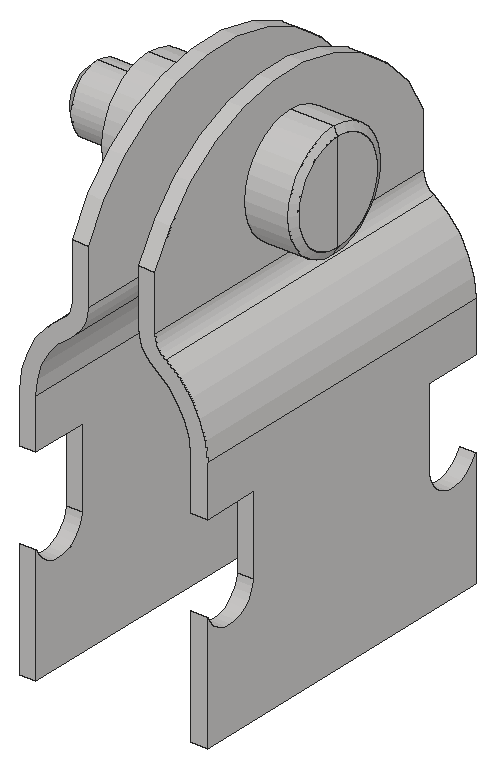
Revit family "Pipe-Clamp-Atkore-Thinwall-Conduit-P1425", category Specialty Equipment, Revit 2012
Parameters (values of type "P1425")
  ecoScorecard_data = ""
  ecoScorecard Product Page = ""
  Unit = Metal - Aluminum - Atkore - Electro - Galvanized
  URL = "http://unistrut.us/index.php"
  Thickness Gauge = 1.50 mm  # constant formula
  Subcategory = "Pipe Clamps"  # constant formula
  Product Page URL = ""
  Part Type = "Clamp"  # constant formula
  Part Number = "P1425"
  Overall Width = 17.73 mm  # constant formula
  Overall Height = 48.82 mm  # constant formula
  Overall Depth = 31.93 mm  # constant formula
  Outer Diameter = 14.70 mm  # constant formula
  Model = "P1425"  # constant formula
  Material = "Multiple Options - See Catalog"
  Manufacturer Toll Free Phone = "800-882-5543"  # constant formula
  Manufacturer Phone = "708-339-1610"  # constant formula
  Manufacturer Fax = "708-339-7814"  # constant formula
  Manufacturer Email = "mailto:questions@atkore.com"
  Manufacturer Address = "16100 South Lathrop Avenue, Harvey, IL 60426"  # constant formula
  Manufacturer = "Unistrut by Atkore International"  # constant formula
  Load Capacity Note = "Visit the product page for load application and capacity."  # constant formula
  Literature URL = ""
  Description = "Pipe Clamps For Thin Wall Conduit"  # constant formula
  Cost Info = "mailto:questions@atkore.com"
  Construction Note = ""
  Conduit Size = 9.50 mm  # constant formula
  CSI MasterSpec = ""
  CAD URL = ""
  Assembly Code = "D5090300"
  95 CSI = "16070"  # constant formula
  04 CSI = "26 05 48"  # constant formula
Reference planes
  plane 1 "Center (Front/Back)": y = 0
  plane 2: z = 0
  plane 3 "Center (Left/Right)": x = 0
  plane 4: z = 48.82
  plane 5: y = 15.965
  plane 6: y = -15.965
  plane 7: x = -8.866
  plane 8: x = 8.864
  plane 9: z = 48.816
Dimensions and locks
  "Overall Height": plane 4 to level
  equal spacing: plane 5, plane 1 "Center (Front/Back)", plane 6
  plane 9 to level = 48.816 mm
  "Overall Depth": plane 5 to plane 6
  "Overall Width": plane 7 to plane 8
  aligned and locked: level to plane 2
  aligned and locked: plane 1 "Center (Front/Back)" to nested 1
  aligned and locked: plane 3 "Center (Left/Right)" to nested 1
Nested families
  nested 1: "P1425" at (0, 0, 0), type "P1425"
Definition of nested family "P1425"
  Parameters (values of type "P1425")
    Unit = none
    Thickness Gauge = 1.50 mm
    Outer Diameter = 14.70 mm
    Conduit Size = 9.50 mm
  Reference planes
    plane 1 "Center (Front/Back)": y = 0
    plane 2: z = 0
    plane 3 "Center (Left/Right)": x = 0
    plane 4: y = -15.967
    plane 5: x = -8.866
    plane 6: x = 8.866
    plane 7: y = 15.783
    plane 8: z = 48.816
  Forms (mm)
    Extrusion 1, solid, material <- "Unit"
      sketch origin (0, 0, 0) x (0, 1, 0) y (0, 0, 1)
        loop
          line (10.227, 11.906) -> (10.227, 19.431) -> (-10.411, 19.431) -> (-10.411, 11.906)
          arc (-10.411, 11.906) -> (-12.881, 9.357) -> (-15.967, 11.112) r 2.898
          line (-15.967, 11.112) -> (-15.967, 0) -> (15.783, 0) -> (15.783, 11.112)
          arc (15.783, 11.112) -> (12.698, 9.362) -> (10.227, 11.906) r 2.9
      from 7.342 to 8.866
    Extrusion 2, solid, material <- "Unit"
      sketch origin (0, 0, 0) x (0, 1, 0) y (0, 0, 1)
        loop
          line (-15.967, 38.628) -> (-15.967, 33.444) -> (15.783, 33.444) -> (15.783, 38.628)
          arc (15.783, 38.628) -> (-0.092, 48.816) -> (-15.967, 38.628) r 17.462
      from 2.381 to 3.905
    Extrusion 3, solid, material <- "Unit"
      sketch origin (0, 0, 0) x (1, 0, 0) y (0, 0, 1)
        loop
          arc (2.381, 33.444) -> (2.826, 31.677) -> (4.054, 30.331) r 3.734
          arc (4.054, 30.331) -> (6.468, 27.684) -> (7.342, 24.209) r 7.342
          line (7.342, 24.209) -> (7.342, 19.431) -> (8.866, 19.431) -> (8.866, 24.209)
          arc (8.866, 24.209) -> (7.811, 28.405) -> (4.895, 31.602) r 8.866
          arc (4.895, 31.602) -> (4.168, 32.399) -> (3.905, 33.444) r 2.21
          line (3.905, 33.444) -> (2.381, 33.444)
      from -15.783 to 15.967
    Extrusion 4, solid, material <- "Unit"
      sketch origin (0, 0, 0) x (0, 1, 0) y (0, 0, -1)
        loop
          arc (10.227, -11.906) -> (12.698, -9.362) -> (15.783, -11.112) r 2.9
          line (15.783, -11.112) -> (15.783, 0) -> (-15.967, 0) -> (-15.967, -11.112)
          arc (-15.967, -11.112) -> (-12.881, -9.357) -> (-10.411, -11.906) r 2.898
          line (-10.411, -11.906) -> (-10.411, -19.431) -> (10.227, -19.431) -> (10.227, -11.906)
      from 7.342 to 8.866
    Extrusion 5, solid, material <- "Unit"
      sketch origin (0, 0, 0) x (0, 1, 0) y (0, 0, -1)
        loop
          arc (-15.967, -38.628) -> (-0.092, -48.816) -> (15.783, -38.628) r 17.462
          line (15.783, -38.628) -> (15.783, -33.444) -> (-15.967, -33.444) -> (-15.967, -38.628)
      from 2.381 to 3.905
    Extrusion 6, solid, material <- "Unit"
      sketch origin (0, 0, 0) x (-1, 0, 0) y (0, 0, -1)
        loop
          line (2.381, -33.444) -> (3.905, -33.444)
          arc (3.905, -33.444) -> (4.168, -32.399) -> (4.895, -31.602) r 2.21
          arc (4.895, -31.602) -> (7.811, -28.405) -> (8.866, -24.209) r 8.866
          line (8.866, -24.209) -> (8.866, -19.431) -> (7.342, -19.431) -> (7.342, -24.209)
          arc (7.342, -24.209) -> (6.468, -27.684) -> (4.054, -30.331) r 7.342
          arc (4.054, -30.331) -> (2.826, -31.677) -> (2.381, -33.444) r 3.734
      from -15.783 to 15.967
    Revolve 7, solid, material <- "Unit"
      sketch origin (0, 0, 0) x (1, 0, 0) y (0, 0, 1)
        loop
          line (-14.256, 43.259) -> (-15.145, 42.37) -> (-15.145, 40.084) -> (-3.905, 40.084) -> (-3.905, 45.641) -> (-9.461, 45.641) -> (-9.461, 43.259) -> (-14.256, 43.259)
        loop
          line (-2.381, 43.259) -> (-2.381, 40.084) -> (2.381, 40.084) -> (2.381, 43.259) -> (-2.381, 43.259)
        loop
          line (3.905, 45.525) -> (3.905, 40.084) -> (8.441, 40.084) -> (8.512, 44.78) -> (8.082, 45.525) -> (3.905, 45.525)
        axis (-15.145, 40.084) -> (8.512, 40.084)
      angle from 0 to 360
  Cuts and joins
    joined: Extrusion 1, Extrusion 2, Extrusion 3
    joined: Extrusion 4, Extrusion 5, Extrusion 6
  Dimensions and locks
    aligned and locked: plane 2 to level
